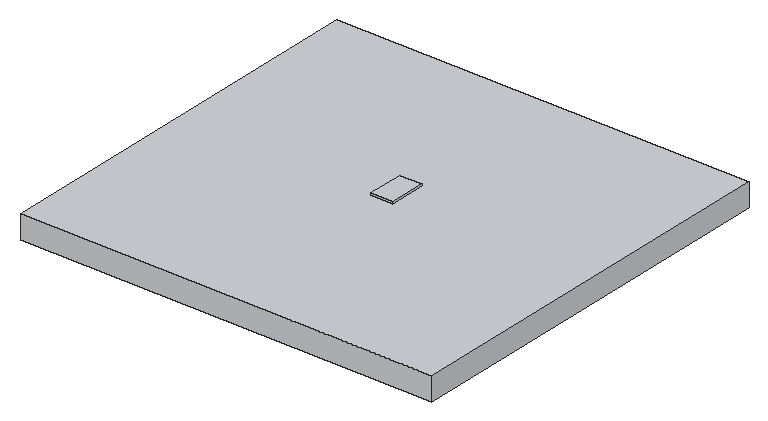
Revit family "M_Interruptor do motor", category Iluminação elétrica, Revit 2019
Family settings
  Hospedeiro = Face
  Manter orientação da anotação = Sim
  Cota do conector redondo = Utilizar diâmetro
  Tipo de parte = Interruptor
  Número OmniClass = 23.80.50.11.14
  Título OmniClass = Switches
  ID de item do Seek = Motor Switch-0000-CAN-ENU
  Corte com vazios quando carregada = Não
  Compartilhado = Não
  Ponto de cálculo do ambiente = Não
Parameters (values of type "Padrão")
  Voltagem do interruptor = 120 V
  Número de pólos do interruptor = 1
  Classificação de carga = Outros
  Legenda = "M"
  Elevação-padrão = 1200 mm
  Assembly Code = ""
  Carga aparente = 0 VA
Reference planes
  plane 1 "Centro (Frente/Trás)": y = 0
  plane 2: z = 0
  plane 3 "Centro (Esquerda/Direita)": x = 0
  plane 4: x = -34.925
  plane 5: x = 34.925
  plane 6: x = -19.05
  plane 7: x = 19.05
  plane 8: y = 57.15
  plane 9: y = -57.15
  plane 10: y = 38.1
  plane 11: y = -38.1
  plane 12 "nível acima": z = 4.762
  plane 13 "nível abaixo": z = -53.975
Forms (mm)
  Extrusion 1, solid
    sketch origin (0, 0, 0) x (1, 0, 0) y (0, 1, 0)
      loop
        line (-644.525, 571.5) -> (-644.525, -666.75) -> (644.525, -666.75) -> (644.525, 571.5) -> (-644.525, 571.5)
    from 0 to -72.672
  Extrusion 2, solid
    sketch origin (0, 0, 0) x (1, 0, 0) y (0, 1, 0)
      loop
        line (-34.925, 57.15) -> (-34.925, -57.15) -> (34.925, -57.15) -> (34.925, 57.15) -> (-34.925, 57.15)
    from 0 to 4.762
  Extrusion 3, solid
    sketch origin (0, 0, 0) x (1, 0, 0) y (0, 1, 0)
      loop
        line (-19.05, 38.1) -> (-19.05, -38.1) -> (19.05, -38.1) -> (19.05, 38.1) -> (-19.05, 38.1)
    from 0 to -53.975
Lines and regions (mm)
  symbolic lines, detail levels fine
    curve 1: line (-34.925, 0, 4.762) -> (34.925, 0, 4.762)
    curve 2: line (-34.925, 0, 0) -> (-34.925, 0, 4.762)
    curve 3: line (34.925, 0, 0) -> (-34.925, 0, 0)
    curve 4: line (34.925, 0, 4.762) -> (34.925, 0, 0)
    curve 5: line (-19.05, 0, -53.975) -> (19.05, 0, -53.975)
    curve 6: line (-19.05, 0, 0) -> (-19.05, 0, -53.975)
    curve 7: line (19.05, 0, -53.975) -> (19.05, 0, 0)
Dimensions and locks
  equal spacing: plane 6, plane 3 "Centro (Esquerda/Direita)", plane 7, locked at 19.05 each
  locked: plane 6 to plane 7 at 38.1
  equal spacing: plane 4, plane 3 "Centro (Esquerda/Direita)", plane 5, locked at 34.925 each
  locked: plane 4 to plane 5 at 69.85
  locked: plane 8 to plane 9 at 114.3
  locked: plane 12 "nível acima" to level at 4.763
  locked: level to plane 13 "nível abaixo" at 53.975
  locked: plane 10 to plane 11 at 76.2
  equal spacing: plane 10, plane 1 "Centro (Frente/Trás)", plane 11, locked at 38.1 each
  equal spacing: plane 8, plane 1 "Centro (Frente/Trás)", plane 9, locked at 57.15 each
  aligned and locked: plane 2 to Extrusion 1
  aligned and locked: level to Extrusion 1
  aligned and locked: plane 8 to Extrusion 2
  aligned and locked: Extrusion 2 to plane 9
  aligned and locked: plane 5 to Extrusion 2
  aligned and locked: Extrusion 2 to plane 4
  aligned and locked: Extrusion 2 to level
  aligned and locked: plane 12 "nível acima" to Extrusion 2
  aligned and locked: plane 10 to Extrusion 3
  aligned and locked: Extrusion 3 to plane 6
  aligned and locked: plane 7 to Extrusion 3
  aligned and locked: Extrusion 3 to plane 11
  aligned and locked: Extrusion 3 to level
  aligned and locked: Extrusion 3 to plane 13 "nível abaixo"
  aligned and locked: curve 1 to plane 12 "nível acima"
  aligned and locked: plane 2 to curve 3
  aligned and locked: curve 5 to plane 13 "nível abaixo"
  aligned and locked: plane 1 "Centro (Frente/Trás)" to nested 1
  aligned and locked: plane 3 "Centro (Esquerda/Direita)" to nested 1
Automatic sketch dimensions
  Extrusion 2 sketch curve to plane 4 = 0 mm
  Extrusion 2 sketch curve to plane 5 = 0 mm
  Extrusion 2 sketch curve to plane 9 = 0 mm
  Extrusion 2 sketch curve to plane 8 = 0 mm
  Extrusion 3 sketch curve to plane 6 = 0 mm
  Extrusion 3 sketch curve to plane 7 = 0 mm
  Extrusion 3 sketch curve to plane 11 = 0 mm
  Extrusion 3 sketch curve to plane 10 = 0 mm
  Extrusion 1 sketch curve to Extrusion 1 sketch curve = 1289.05 mm
  Extrusion 1 sketch curve to Extrusion 1 sketch curve = 1238.25 mm
  curve 2 to plane 4 = 0 mm
  curve 3 to plane 5 = 0 mm
  plane 4 to curve 7 = 53.975 mm
  curve 5 to curve 5 = 38.1 mm
Nested families
  nested 1: "M_Anotação do interruptor 2" at (0, 0, 0), type "Anotação de interruptor 2", detail levels coarse+medium
Connectors
  electrical at (0, 38.1, -26.988), driven by "Voltagem do interruptor", driven by "Carga aparente", driven by "Número de pólos do interruptor", driven by "Classificação de carga"
    settings: on Extrusion 3, index 1, voltage 120 V, apparent load 0 VA, apparent load phase1 0 VA, apparent load phase2 0 VA, apparent load phase3 0 VA, power factor 1, load classification "Outros", number of poles 1, system type 31, power factor state 1, is connector primary yes, connector utility no, sub classification motor no, connector description ""
Definition of nested family "M_Anotação do interruptor 2"
  Parameters
    Legenda = "M"
  Reference planes
    plane 1: y = 0
    plane 2: x = 0
  Lines and regions (mm)
    reference lines
      curve 1: line (0, 1.587, 0) -> (-3.044, 1.588, 0)
      curve 4: line (2.564, -1.199, 0) -> (2.564, 2.384, 0)
      curve 5: line (2.564, -1.199, 0) -> (7.201, -1.199, 0)
      curve 6: line (2.564, 1.163, 0) -> (7.878, 1.163, 0)
    detail lines
      curve 2: arc (0.383, 2.833, 0) -> (-0.62, 2.459, 0) -> (0, 1.587, 0) r 0.674
      curve 3: arc (0, 1.587, 0) -> (0.392, 0.545, 0) -> (-0.718, 0.631, 0) r 0.66
  Text (mm)
    label "M" at (0.597, -0.127, 0), shows "Legenda"
  Dimensions and locks
    locked: curve 5 to curve 6 at 2.362
    locked: plane 1 to curve 1 at 1.588
    aligned and locked: curve 2 to curve 1
    aligned and locked: curve 3 to curve 1
